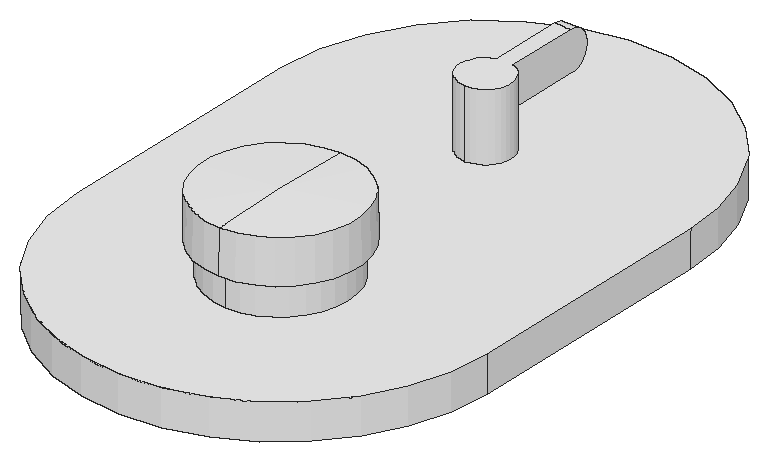
Revit family "Grohe_EurosmartCosmopolitanT_ShowerMixer_36321000", category Plumbing Fixtures, host Face, Revit 2018
Family settings
  Host = Face
  Round Connector Dimension = Use Diameter
  Part Type = Normal
  OmniClass Number = 23.65.05.11.11
  OmniClass Title = Water Supply Systems
  Cut with Voids When Loaded = No
  Shared = No
  Room Calculation Point = No
Parameters (values of type "36321000")
  _ObjectUserGuide = "https://www.bimstore.co/products/eurosmart-cosmopolitan-t-self-closing-shower-mixer-36321000/document/object-user-guide"
  _DistributedBy = "https://www.bimstore.co"
  _CurrentRevision = 1
  _CreatedBy = "https://www.bimstore.co"
  _BimSpecGuid = 0
  _BSBibleVersion = 16
  _AuthorizedBy = "bimstore"
  _Author = "JY"
  WarrantyStartDate [instance] = "Please Record On Commissioning."
  WarrantyGuarantorParts = "https://www.grohe.co.uk"
  WarrantyGuarantorLabor = "https://www.grohe.co.uk"
  WarrantyDurationUnit = "Years"
  WarrantyDurationParts = "0"
  WarrantyDurationLabor = "0"
  WarrantyDescription = "n/a"
  URL = "https://www.grohe.co.uk/en_gb/self-closing-shower-mixer-1-2-with-mixing-device-and-adjustable-temperature-limiter-36321000.html"
  TypeName = "Eurosmart Cosmopolitan T Shower Mixer"
  Type Comments = "36321000"
  SustainabilityReport = "green.grohe.com/reporting"
  SustainabilityAward = "green.grohe.com/awards"
  SpareParts = "n/a"
  Size = "195mm(H)x120mm(W)x10mm(D)"
  Shape = "n/a"
  SerialNumber [instance] = "Please Record On Commissioning."
  ReplacementCost = "n/a"
  ReferencedStandard = "n/a"
  ProductionYear = "2021"
  ProductNumber = "36321000"
  NominalLength = 120.0 mm
  NominalHeight = 195.0 mm
  NominalDepth = 10.5 mm
  NBSReference = "45-35-70/315"
  NBSOfficeMasterTag = "n/a"
  NBSObjectName = "Grohe - Water supply fittings"
  NBSNote = "n/a"
  NBSDescription = "Water supply fittings"
  ModelReference = "Nova Cosmopolitan S Flush Plate"
  ModelNumber = "36321000"
  Model = "Eurosmart Cosmopolitan T Shower Mixer"
  Material = "Chrome"
  ManufacturerName = "Grohe"
  Manufacturer = "Grohe"
  Keynote = "N13"
  InstallationVideo = "n/a"
  InstallationDate [instance] = "Please Record On Commissioning."
  IfcExportType = "IfcPipeFittingType"
  IfcExportAs = "IfcPipeFitting"
  Grade = "n/a"
  GROHESustainability = "green.grohe.com"
  GROHESocialCommittment = "green.grohe.com/social_engagement"
  FullRecyclabilityOfPlastic = "All plastic components are fully recycable"
  Finish = "n/a"
  Features = "n/a"
  ExpectedLife = 0
  EF025099 = "7-30"
  EF024897 = "Glossy"
  EF020791 = "Brass"
  EF020785 = "3/8 inch"
  EF020781 = "Top section, non-ceramic"
  EF006974 = "Manually operated"
  EF002671 = "Chrome"
  EF002286 = "Hose (gland nut)"
  EF002147 = "Hand"
  EF000139 = "Chromium-plated"
  EF000003 = "Wall built-in"
  DurationUnit = "Years"
  DocumentationTechnical = "https://www.bimstore.co/products/eurosmart-cosmopolitan-t-self-closing-shower-mixer-36321000/document/technical-data-sheet"
  DocumentationMaintenance = "https://www.bimstore.co/products/eurosmart-cosmopolitan-t-self-closing-shower-mixer-36321000/document/maintenance-information"
  DocumentationLiterature = "https://www.bimstore.co/products/eurosmart-cosmopolitan-t-self-closing-shower-mixer-36321000/document/product-literature"
  DocumentationInstallationGuide = "https://www.bimstore.co/products/eurosmart-cosmopolitan-t-self-closing-shower-mixer-36321000/document/installation-guide"
  DocumentationCertificates = "https://www.bimstore.co/products/eurosmart-cosmopolitan-t-self-closing-shower-mixer-36321000/document/product-certificates"
  Description = "A functional fusion of minimalist design and user-friendly technology! With its sleek lines the self-closing GROHE Eurosmart Cosmopolitan T shower mixer mixing device complements any modern bathroom. Built to last with GROHE’s innovative technology, it has a built-in temperature limiter and three adjustable flow times of 7, 15 and 30 seconds* which reduce water wastage and any risk of flooding. It is a delight to use and comes with a mixing device that adjusts the water temperature."
  Default Elevation = 0.0 mm
  CreatedOn = "2021-07-22T:09:00:00"
  CreatedBy = "https://www.grohe.co.uk"
  CradleToCradleCertification = "n/a"
  Cost = 0
  Constituents = "n/a"
  Color = "Chrome"
  CodePerformance = "n/a"
  ClassificationValue = "Pr_40_20_87_07"
  ClassificationName = "Uniclass2015"
  CO2NeutralProduction = "GROHE is one of the first leading manufacturer within the sanitary industry having a CO2-neutral production."
  BarCode [instance] = "Please Record On Commissioning."
  BIMObjectName = "Grohe_EurosmartCosmopolitanT_ShowerMixer_36321000"
  AssetType = "Fixed"
  AssetIdentifier [instance] = "n/a"
  Assembly Code = "C1030200"
  AccessibilityPerformance = "n/a"
Reference planes
  plane 1 "Center (Front/Back)": y = 0
  plane 2: z = 0
  plane 3 "Center (Left/Right)": x = 0
  plane 4: x = 59.839
  plane 5: x = -60.161
  plane 6: y = 97.169
  plane 7: y = -97.831
  plane 8: z = 10.503
Forms (mm)
  Extrusion 1, solid, material "Grohe - Chrome"
    sketch origin (0, 0, 0) x (1, 0, 0) y (0, 1, 0)
      loop
        arc (-60.161, -37.367) -> (0, -97.528) -> (60.161, -37.367) r 60.161
        line (60.161, -37.367) -> (60.161, 37.352)
        arc (60.161, 37.352) -> (0, 97.512) -> (-60.161, 37.352) r 60.161
        line (-60.161, 37.352) -> (-60.161, -37.367)
    from 0 to 10.503
  Revolve 2, solid, material "Grohe - Chrome"
    sketch origin (0, 0, 0) x (0, 1, 0) y (0, 0, 1)
      loop
        line (-58.019, 10.503) -> (-38.163, 10.503) -> (-38.163, 33.231)
        arc (-38.163, 33.231) -> (-49.303, 33.025) -> (-60.441, 32.73) r 1380.176
        line (-60.441, 32.73) -> (-60.663, 20.02) -> (-58.019, 20.02) -> (-58.019, 10.503)
      axis (-38.163, 33.231) -> (-38.163, 10.503)
    angle from 0 to 360
  Revolve 3, solid, material "Grohe - Chrome"
    sketch origin (0, 0, 0) x (0, 1, 0) y (0, 0, 1)
      loop
        line (29.689, 30.3) -> (29.689, 10.503) -> (37.161, 10.503) -> (37.161, 30.3) -> (29.689, 30.3)
      axis (37.161, 30.3) -> (37.161, 10.503)
    angle from 0 to 360
  Extrusion 4, solid, material "Grohe - Chrome"
    sketch origin (0, 0, 0) x (0, 1, 0) y (0, 0, 1)
      loop
        line (65.504, 30.3) -> (37.68, 30.3) -> (37.68, 18.8) -> (65.504, 18.8)
        arc (65.504, 18.8) -> (71.254, 24.55) -> (65.504, 30.3) r 5.75
    from -2.47 to 2.43
Cuts and joins
  joined: Revolve 3, Extrusion 4
Dimensions and locks
  "NominalLength": plane 5 to plane 4
  "NominalHeight": plane 6 to plane 7
  plane 8 to level = 10.503 mm
  aligned and locked: plane 2 to host face
  aligned and locked: level to host face
Automatic sketch dimensions
  host sketch curve to host sketch curve = 2438.4 mm  (x2)
  Extrusion 1 sketch curve to plane 5 = 0.0 mm
  Extrusion 1 sketch curve to plane 3 "Center (Left/Right)" = 0.0 mm
  plane 1 "Center (Front/Back)" to Extrusion 1 sketch curve = 37.367 mm
  Extrusion 1 sketch curve to plane 1 "Center (Front/Back)" = 37.352 mm
  Revolve 2 sketch curve to plane 8 = 0.0 mm
  plane 8 to Revolve 2 sketch curve = 9.517 mm
  plane 7 to Revolve 2 sketch curve = 37.168 mm
  Revolve 2 sketch curve to Revolve 2 sketch curve = 0.222 mm
  Revolve 2 sketch curve to Revolve 2 sketch curve = 2.644 mm
  Revolve 2 sketch curve to Revolve 2 sketch curve = 19.856 mm
  plane 1 "Center (Front/Back)" to Revolve 2 sketch curve = 18.279 mm
  Revolve 2 sketch curve to level = 1346.802 mm
  Revolve 2 sketch curve to Revolve 2 sketch curve = 12.71 mm
  Revolve 2 sketch curve to level = 6.78 mm
  Revolve 2 sketch curve to Revolve 2 sketch curve = 0.0 mm
  Revolve 2 sketch curve to Revolve 2 sketch curve = 15.0 mm
  Revolve 3 sketch curve to plane 8 = 0.0 mm
  Revolve 3 sketch curve to plane 1 "Center (Front/Back)" = 29.689 mm
  Revolve 3 sketch curve to Revolve 3 sketch curve = 7.472 mm
  Revolve 3 sketch curve to Revolve 3 sketch curve = 19.797 mm
  Revolve 3 sketch curve to Revolve 3 sketch curve = 0.0 mm  (x2)
  level to Revolve 3 sketch curve = 3.533 mm
  plane 8 to Extrusion 4 sketch curve = 19.797 mm
  Extrusion 4 sketch curve to plane 1 "Center (Front/Back)" = 37.68 mm
  Extrusion 4 sketch curve to Extrusion 4 sketch curve = 27.825 mm
  Extrusion 4 sketch curve to Extrusion 4 sketch curve = 5.75 mm
